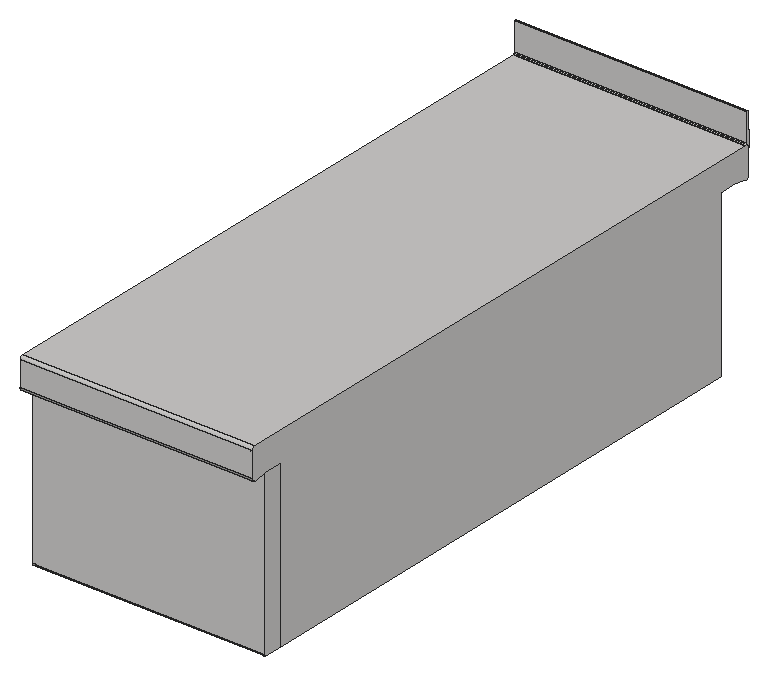
Revit family "QF_ELECTROLUXPROFESSIONAL_588107_MANABBCOOO", category Specialty Equipment, Revit 2023
Family settings
  Round Connector Dimension = Use Diameter
  Part Type = Normal
  Work Plane-Based = No
  Enable Cutting in Views = No
  Always vertical = Yes
  Cut with Voids When Loaded = No
  Maintain Annotation Orientation = No
  Shared = No
  Room Calculation Point = No
Parameters
  Weight in Pounds = 19.84
  Weight = 9.00 kg
  Watts = 0 W
  URL Manufacturer = "http://www.electroluxprofessional.com"
  URL Cutsheet = "www.electrolux.com/professional"
  URL = "http://www.electroluxprofessional.com"
  Type Mark [instance] = ""
  Status [instance] = ""
  Specification by User [instance] = ""
  Specification by Manufacturer = ""
  Serial Number = ""
  Seismic Rating = ""
  SMACNA No = ""
  Revision Code [instance] = ""
  Omniclass Number and Title = ""
  NAFEM Spec ID Number = ""
  Model = "MANABBCOOO"
  Masterspec = ""
  Manufacturer = "Electrolux Professional"
  Length Actual = 300.00 mm
  Item Number [instance] = "588107"
  Installed By [instance] = ""
  Identify Quantity as Lot [instance] = yes
  Height Actual = 250.00 mm
  HP = "0 HP"
  Gas KW = 0
  Furnished By [instance] = ""
  Foodservice Equipment Identifier [instance] = yes
  Direct Waste Size = 0"
  Description = "WORK TOP,CLOSED,1-S,BACKSPL,300X800X250H"
  Depth Actual = 800.00 mm
  Default Elevation = 0.00 mm
  CSI MasterFormat = ""
  CSI Master Format = ""
  Accessory = no
Reference planes
  plane 1 "BACK": y = 0
  plane 2: z = 0
  plane 3 "LEFT": x = 0
  plane 4 "RIGHT": x = 300
  plane 5 "FRONT": y = -800
  plane 6 "TOP": z = 250
  plane 7 "Center Y": x = 150
  plane 8 "Center X": y = -400
  plane 9: z = 288
Forms (mm)
  Extrusion 1, solid, material "QF_Finishes_Stainless Steel"
    sketch origin (0, 50.048, 0) x (0, 1, 0) y (0, 0, 1)
      loop
        line (-95.048, 213) -> (-71.412, 213) -> (-54.743, 210.061)
        arc (-54.743, 210.061) -> (-51.477, 210.936) -> (-50.048, 214) r 4
        line (-50.048, 214) -> (-50.048, 246)
        arc (-50.048, 246) -> (-51.22, 248.828) -> (-54.048, 250) r 4
        line (-54.048, 250) -> (-846.048, 250)
        arc (-846.048, 250) -> (-848.877, 248.828) -> (-850.048, 246) r 4
        line (-850.048, 246) -> (-850.048, 214)
        arc (-850.048, 214) -> (-848.619, 210.936) -> (-845.353, 210.061) r 4
        line (-845.353, 210.061) -> (-828.509, 213) -> (-805.048, 213) -> (-805.048, 0) -> (-95.048, 0) -> (-95.048, 213)
    from 0 to 300
  Extrusion 2, solid, material "QF_Finishes_Stainless Steel"
    sketch origin (0, 50.048, 0) x (0, 1, 0) y (0, 0, 1)
      loop
        arc (-828.048, 213) -> (-829.462, 212.414) -> (-830.048, 211) r 2
        line (-830.048, 211) -> (-830.048, 2)
        arc (-830.048, 2) -> (-829.462, 0.586) -> (-828.048, 0) r 2
        line (-828.048, 0) -> (-805.048, 0) -> (-805.048, 213) -> (-828.048, 213)
    from 0 to 300
  Extrusion 3, solid, material "QF_Finishes_Stainless Steel"
    sketch origin (0, -950.048, 0) x (0, -1, 0) y (0, 0, -1)
      loop
        arc (-948.097, -252.006) -> (-947.511, -250.592) -> (-946.097, -250.006) r 2
        arc (-946.097, -250.006) -> (-948.877, -248.828) -> (-950.048, -246) r 4
        line (-950.048, -246) -> (-950.048, -288.006) -> (-948.097, -288.006) -> (-948.097, -252.006)
    from 0 to 300
Lines and regions (mm)
  symbolic lines
    curve 1: line (0, 0, 0) -> (300, 0, 0)
    curve 2: line (0, -800, 0) -> (0, 0, 0)
    curve 3: line (300, -800, 0) -> (0, -800, 0)
    curve 4: line (300, 0, 0) -> (300, -800, 0)
    curve 5: line (0, -1.951, 0) -> (300, -1.951, 0)
Dimensions and locks
  equal spacing: plane 3 "LEFT", plane 7 "Center Y", plane 4 "RIGHT"
  plane 3 "LEFT" to plane 4 "RIGHT" = 300.00 mm
  equal spacing: plane 5 "FRONT", plane 8 "Center X", plane 1 "BACK"
  plane 5 "FRONT" to plane 1 "BACK" = 800.00 mm
  plane 6 "TOP" to level = 250.00 mm
  plane 9 to level = 288.00 mm
  plane 9 to plane 6 "TOP" = 38.00 mm
  aligned and locked: level to plane 2
  aligned and locked: Extrusion 1 to plane 4 "RIGHT"
  aligned and locked: Extrusion 2 to plane 4 "RIGHT"
  aligned and locked: Extrusion 3 to plane 4 "RIGHT"
Automatic sketch dimensions
  Extrusion 1 sketch curve to plane 5 "FRONT" = 0.00 mm
  Extrusion 1 sketch curve to plane 6 "TOP" = 0.00 mm
  Extrusion 1 sketch curve to level = 0.00 mm
  Extrusion 1 sketch curve to plane 1 "BACK" = 0.00 mm
  Extrusion 1 sketch curve to plane 5 "FRONT" = 4.695 mm
  Extrusion 1 sketch curve to plane 6 "TOP" = 39.939 mm
  Extrusion 1 sketch curve to plane 5 "FRONT" = 4.00 mm  (x2)
  Extrusion 1 sketch curve to Extrusion 1 sketch curve = 16.844 mm
  Extrusion 1 sketch curve to plane 5 "FRONT" = 45.00 mm
  plane 1 "BACK" to Extrusion 1 sketch curve = 45.00 mm
  plane 1 "BACK" to Extrusion 1 sketch curve = 21.364 mm
  plane 1 "BACK" to Extrusion 1 sketch curve = 4.00 mm
  plane 1 "BACK" to Extrusion 1 sketch curve = 4.695 mm
  Extrusion 1 sketch curve to Extrusion 1 sketch curve = 0.00 mm  (x2)
  Extrusion 1 sketch curve to Extrusion 1 sketch curve = 4.00 mm
  Extrusion 1 sketch curve to plane 6 "TOP" = 37.00 mm  (x2)
  Extrusion 1 sketch curve to Extrusion 1 sketch curve = 1.00 mm
  Extrusion 2 sketch curve to level = 0.00 mm
  Extrusion 2 sketch curve to plane 5 "FRONT" = 20.00 mm
  level to Extrusion 2 sketch curve = 2.00 mm
  Extrusion 2 sketch curve to Extrusion 2 sketch curve = 2.00 mm
  Extrusion 2 sketch curve to Extrusion 2 sketch curve = 23.00 mm
  Extrusion 2 sketch curve to plane 6 "TOP" = 39.00 mm
  Extrusion 3 sketch curve to plane 1 "BACK" = 0.00 mm  (x2)
  Extrusion 3 sketch curve to plane 6 "TOP" = 2.006 mm
  Extrusion 3 sketch curve to plane 6 "TOP" = 0.00 mm
  Extrusion 3 sketch curve to plane 9 = 0.006 mm
  Extrusion 3 sketch curve to Extrusion 3 sketch curve = 1.951 mm
  Extrusion 3 sketch curve to Extrusion 3 sketch curve = 2.00 mm
  Extrusion 3 sketch curve to Extrusion 3 sketch curve = 0.049 mm
  Extrusion 3 sketch curve to Extrusion 3 sketch curve = 0.00 mm
  plane 1 "BACK" to curve 1 = 0.00 mm
  curve 1 to plane 3 "LEFT" = 0.00 mm
  curve 1 to plane 4 "RIGHT" = 0.00 mm
  plane 5 "FRONT" to curve 4 = 0.00 mm
  curve 5 to curve 1 = 1.951 mm
